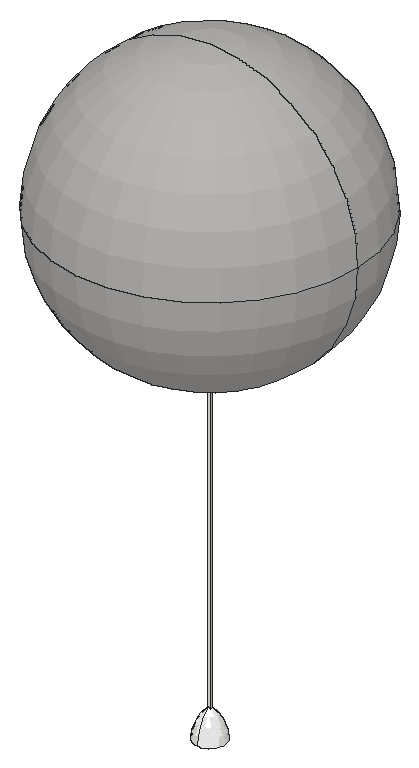
Revit family "Patera 900", category Lighting Fixtures, host Face, Revit 2015
Parameters
  Width = 0 mm
  Weight (Kg) = 0
  Wattage = 96 W
  built-in parameter 1150110 = 1 (stored number, unit not read)
  Voltage (US Only) = 0 V
  Trim and Accessories = ""
  built-in parameter 1114217 = 1 (stored number, unit not read)
  Tilt Angle = -90.00°
  built-in parameter 1150109 = 1 (stored number, unit not read)
  built-in parameter 1150134 = 3
  Suspension Height [instance] = 1000 mm
  built-in parameter 1150113 = 1 (stored number, unit not read)
  Reflector Finish = none
  Product Documentation Link = ""
  Product Code = "x"
  Product Category = "Pendant"
  Power Factor (US Only) = 0
  Photometric Web File = "generic"
  Option = ""
  Number of Poles (US Only) = 0
  built-in parameter 1150142 = (empty or 0)
  Manufacturer = "Louis Poulsen Lighting"
  built-in parameter 1150105 = 267.38 (stored number, unit not read)
  Lumens = 3360 lm
  built-in parameter 1150115 = 1 (stored number, unit not read)
  Lighting Technique = ""
  built-in parameter 1150137 = (empty or 0)
  built-in parameter 1150139 = (empty or 0)
  Length = 0 mm
  built-in parameter 1150112 = 1 (stored number, unit not read)
  built-in parameter 1150114 = 1 (stored number, unit not read)
  Lamp = "x"
  Insulation Class (Not US) = ""
  built-in parameter 1150132 = 2
  built-in parameter 1150102 = (empty or 0)
  built-in parameter 1150107 = 3200 (stored number, unit not read)
  built-in parameter 1150138 = (empty or 0)
  built-in parameter 1150106 = 2.6738 (stored number, unit not read)
  IP (Not US) = ""
  IK (Not US - Outdoor only) = ""
  Height = 0 mm
  Efficiency (Lm/W) = ""
  built-in parameter 1150104 = 3.2516 (stored number, unit not read)
  Drawn By = "Louis Poulsen Lighting"
  Dimming Lamp Color Temperature Shift = <None>
  Designer = ""
  Description = "x"
  Default Elevation = 1000 mm
  Cut-off = "N/A"
  Color Filter = 16777215
  CRI = ""
  Build-in height = ""
  Bug Rating (US Outdoor Only) = "N/A"
  Body Finish = none
  built-in parameter 1114218 = 1 (stored number, unit not read)
  built-in parameter 1150133 = 10 (stored number, unit not read)
Reference planes
  plane 1 "Center (Front/Back)": y = 0
  plane 2: z = 0
  plane 3 "Center (Left/Right)": x = 0
  plane 4 "Suspension height Ref Level": z = 1000
Forms (mm)
  Revolve 1, solid, material "Louis Poulsen - WHT - 062"
    sketch origin (0, 0, 0) x (1, 0, 0) y (0, 0, 1)
      loop
        line (6.498, 1001.697) -> (6.498, 1151.305)
        arc (6.498, 1151.305) -> (5.748, 1152.055) -> (4.998, 1151.305) r 0.75
        line (4.998, 1151.305) -> (4.998, 1001.697)
        arc (4.998, 1001.697) -> (5.748, 1001.327) -> (6.498, 1001.697) r 0.945
      loop
        line (6.498, 1000.997) -> (4.758, 1000.997) -> (4.251, 1011.714) -> (4.251, 1000.997)
        arc (4.251, 1000.997) -> (5.375, 999.874) -> (6.498, 1000.997) r 1.123
      axis (0, 1000.997) -> (0, 1151.305)
    angle from 0 to 360
  Revolve 2, solid, material "Louis Poulsen Patera"
    sketch origin (0, 0, 0) x (1, 0, 0) y (0, 0, 1)
      loop
        line (0, 1886.545) -> (0, 1883.544)
        arc (0, 1883.544) -> (316.077, 1752.621) -> (447, 1436.544) r 447
        arc (447, 1436.544) -> (316.348, 1134.964) -> (6.788, 1024.538) r 412.582
        line (6.788, 1024.538) -> (6.587, 1021.545)
        arc (6.587, 1021.545) -> (318.397, 1132.773) -> (450, 1436.545) r 415.582
        arc (450, 1436.545) -> (318.198, 1754.743) -> (0, 1886.545) r 450
      axis (0, 1886.545) -> (0, 1021.545)
    angle from 0 to 360
  Extrusion 3, solid, material "Louis Poulsen - WHT - 062"
    sketch origin (0, 0, 0) x (1, 0, 0) y (0, 1, 0)
      loop
        circle (0, 0) r 4
    from 0 to 1000
  Revolve 4, solid, material "louis Poulsen Baldakin hvid"
    sketch origin (0, 0, 0) x (0, 1, 0) y (0, 0, 1)
      loop
        arc (-4.234, 87.07) -> (-33.813, 47.834) -> (-45.049, 0) r 119.179
        line (-45.049, 0) -> (-44.049, 0)
        arc (-44.049, 0) -> (-33.088, 47.024) -> (-4.234, 85.739) r 118.179
        line (-4.234, 85.739) -> (-4.234, 87.07)
      axis (0, 87.07) -> (0, 0)
    angle from 0 to 360
Dimensions and locks
  "Suspension Height": plane 4 "Suspension height Ref Level" to level
  locked: imposter light to plane 4 "Suspension height Ref Level" at 894.507
  plane 4 "Suspension height Ref Level" to plane 2 = 1000 mm
  aligned and locked: plane 2 to host face
  aligned and locked: level to host face
  aligned and locked: plane 4 "Suspension height Ref Level" to Extrusion 3
Automatic sketch dimensions
  host sketch curve to host sketch curve = 645.307 mm
  host sketch curve to host sketch curve = 641.33 mm
  Revolve 1 sketch curve to plane 3 "Center (Left/Right)" = 0 mm
  plane 4 "Suspension height Ref Level" to Revolve 1 sketch curve = 0.997 mm
  plane 3 "Center (Left/Right)" to Revolve 1 sketch curve = 4.251 mm
  Revolve 1 sketch curve to Revolve 1 sketch curve = 0.747 mm
  Revolve 1 sketch curve to Revolve 1 sketch curve = 0.377 mm
  Revolve 1 sketch curve to Revolve 1 sketch curve = 0.75 mm  (x2)
  Revolve 1 sketch curve to Revolve 1 sketch curve = 0.7 mm
  Revolve 1 sketch curve to Revolve 1 sketch curve = 0.574 mm
  Revolve 1 sketch curve to Revolve 1 sketch curve = 149.034 mm
  Revolve 1 sketch curve to Revolve 1 sketch curve = 0.507 mm
  Revolve 1 sketch curve to plane 4 "Suspension height Ref Level" = 2.965 mm
  Revolve 1 sketch curve to Revolve 1 sketch curve = 9.443 mm
  Revolve 1 sketch curve to Revolve 1 sketch curve = 20.73 mm
  plane 1 "Center (Front/Back)" to Extrusion 3 sketch curve = 0 mm
  Extrusion 3 sketch curve to plane 3 "Center (Left/Right)" = 0 mm
  Revolve 4 sketch curve to Revolve 4 sketch curve = 0 mm  (x2)
  Revolve 4 sketch curve to level = 0 mm
  Revolve 4 sketch curve to plane 1 "Center (Front/Back)" = 0 mm
  plane 1 "Center (Front/Back)" to Revolve 4 sketch curve = 4.234 mm
  plane 1 "Center (Front/Back)" to Revolve 4 sketch curve = 44.049 mm
  Revolve 4 sketch curve to Revolve 4 sketch curve = 1 mm
  Revolve 4 sketch curve to level = 2.75 mm
  Revolve 4 sketch curve to plane 1 "Center (Front/Back)" = 74.098 mm
  Revolve 4 sketch curve to level = 10.936 mm
  Revolve 4 sketch curve to Revolve 4 sketch curve = 4.188 mm
  Revolve 2 sketch curve to plane 3 "Center (Left/Right)" = 0 mm  (x2)
  plane 3 "Center (Left/Right)" to Revolve 2 sketch curve = 6.587 mm
  Revolve 2 sketch curve to Revolve 2 sketch curve = 0.201 mm
  plane 3 "Center (Left/Right)" to Revolve 2 sketch curve = 34.418 mm
  Revolve 2 sketch curve to Revolve 2 sketch curve = 0 mm  (x3)
  plane 4 "Suspension height Ref Level" to Revolve 2 sketch curve = 21.545 mm
  Revolve 2 sketch curve to Revolve 2 sketch curve = 2.994 mm
  Revolve 2 sketch curve to Revolve 2 sketch curve = 411.655 mm
  Revolve 2 sketch curve to Revolve 2 sketch curve = 0.35 mm
  Revolve 2 sketch curve to plane 4 "Suspension height Ref Level" = 35 mm
  Revolve 2 sketch curve to Revolve 2 sketch curve = 33.455 mm
  radius of Extrusion 3 sketch curve = 4 mm
Nested families
  nested 1: "LP-Revit-Annotation" at (0, 0, 0), type "LP-Revit-Annotation"
Connectors
  electrical at (0, 0, 0)
    settings: index 1, voltage 0 V, apparent load 0 VA, apparent load phase1 0 VA, apparent load phase2 0 VA, apparent load phase3 0 VA, power factor 1, load classification "Other", number of poles 1, system type 31, power factor state 1, is connector primary yes, connector utility no, sub classification motor no, connector description ""
Definition of nested family "LP-Revit-Annotation"
  Reference planes
    plane 1: y = 0
    plane 2: x = 0
  Lines and regions (mm)
    detail lines
      curve 1: circle (0, 0, 0) r 2.5 normal (0, 0, 1)
      curve 2: line (-1.768, -1.768, 0) -> (1.768, 1.768, 0)
      curve 3: line (-1.768, 1.768, 0) -> (1.768, -1.768, 0)
  Dimensions and locks
    radius of curve 1 = 2.5 mm
